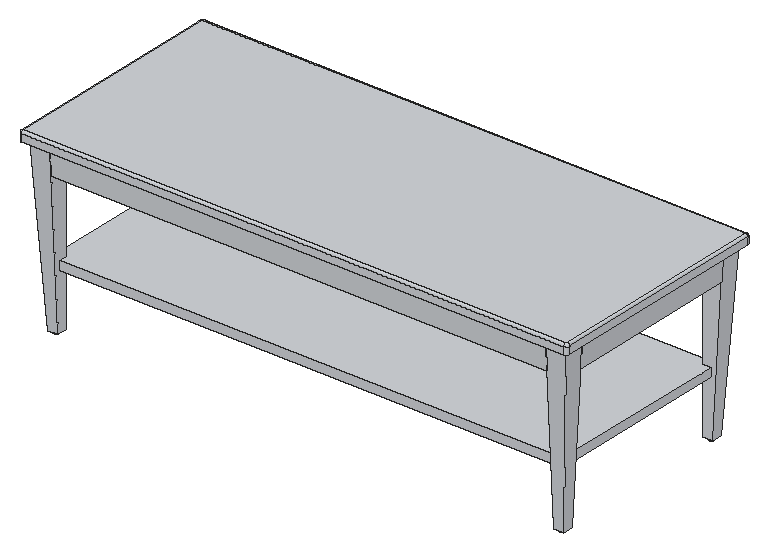
Revit family "Table-K_Series-KT6M4820B2", category Furniture, Revit 2017
Family settings
  OmniClass Number = 23.40.20.00
  OmniClass Title = General Furniture and Specialties
  Work Plane-Based = No
  Always vertical = Yes
  Cut with Voids When Loaded = No
  Shared = No
  Room Calculation Point = No
Parameters (values of type "48 x 20 Solid Surface")
  Width = 48.00"  # constant formula
  URL = "https://www.la-z-boy.com/"
  Product Documentation Link = "URL"
  Model = "KT6M4820B2"
  Manufacturer = "LaZBoy"
  Height = 16.00"  # constant formula
  Description = "48 x 20 Rectangular Magazine Table, Solid Surface Top"
  Depth = 20.00"  # constant formula
  Copyright © = "Inc"
  Table Top Material [instance] = none
  Assembly Code = "E2020200"
  Leg Material [instance] = none
Types (2): name | Description
  48 x 20 Solid Surface | "48 x 20 Rectangular Magazine Table, Solid Surface Top"
  48 x 20 Thermofoil | "48 x 20 Rectangular Magazine Table, Thermofoil Top"
Reference planes (in)
  plane 1 "Center (Front/Back)": y = 0
  plane 2: z = 0
  plane 3 "Center (Left/Right)": x = 0
  plane 4: y = -10
  plane 5: x = 24
  plane 6: x = -24
  plane 7: z = 16
  plane 8: y = 10
  plane 9: z = 15.185
  plane 10: z = 0.185
  plane 11: z = 5.935
Forms (in)
  Blend 1, solid, material <- "Leg Material"
    base sketch origin (0, 0, 0) x (1, 0, 0) y (0, 1, 0)
      loop
        line (-22.5808, 8.60545) -> (-22.5808, 7.73045) -> (-21.7058, 7.73045) -> (-21.7058, 8.60545) -> (-22.5808, 8.60545)
    top sketch origin (0, 0, 0) x (1, 0, 0) y (0, 1, 0)
      loop
        line (-23.4558, 9.48045) -> (-23.4558, 7.73045) -> (-21.7058, 7.73045) -> (-21.7058, 9.48045) -> (-23.4558, 9.48045)
    from 0.185 to 15.185
  Blend 2, solid, material <- "Leg Material"
    base sketch origin (0, 0, 0) x (-1, 0, 0) y (0, -1, 0)
      loop
        line (-22.5808, 8.60545) -> (-22.5808, 7.73045) -> (-21.7058, 7.73045) -> (-21.7058, 8.60545) -> (-22.5808, 8.60545)
    top sketch origin (0, 0, 0) x (-1, 0, 0) y (0, -1, 0)
      loop
        line (-23.4558, 9.48045) -> (-23.4558, 7.73045) -> (-21.7058, 7.73045) -> (-21.7058, 9.48045) -> (-23.4558, 9.48045)
    from 0.185 to 15.185
  Blend 3, solid, material <- "Leg Material"
    base sketch origin (0, 0, 0) x (-1, 0, 0) y (0, -1, 0)
      loop
        line (-22.5808, -8.60545) -> (-21.7058, -8.60545) -> (-21.7058, -7.73045) -> (-22.5808, -7.73045) -> (-22.5808, -8.60545)
    top sketch origin (0, 0, 0) x (-1, 0, 0) y (0, -1, 0)
      loop
        line (-23.4558, -9.48045) -> (-21.7058, -9.48045) -> (-21.7058, -7.73045) -> (-23.4558, -7.73045) -> (-23.4558, -9.48045)
    from 0.185 to 15.185
  Blend 4, solid, material <- "Leg Material"
    base sketch origin (0, 0, 0) x (1, 0, 0) y (0, 1, 0)
      loop
        line (-22.5808, -8.60545) -> (-21.7058, -8.60545) -> (-21.7058, -7.73045) -> (-22.5808, -7.73045) -> (-22.5808, -8.60545)
    top sketch origin (0, 0, 0) x (1, 0, 0) y (0, 1, 0)
      loop
        line (-23.4558, -9.48045) -> (-21.7058, -9.48045) -> (-21.7058, -7.73045) -> (-23.4558, -7.73045) -> (-23.4558, -9.48045)
    from 0.185 to 15.185
  Extrusion 5, solid, material <- "Leg Material"
    sketch origin (0, 0, 0) x (1, 0, 0) y (0, 0, 1)
      loop
        line (22.54134, 12.935) -> (23.35736, 12.935) -> (23.4558, 15.185) -> (22.54134, 15.185) -> (22.54134, 12.935)
      loop
        line (-22.54134, 12.935) -> (-22.54134, 15.185) -> (-23.4558, 15.185) -> (-23.35736, 12.935) -> (-22.54134, 12.935)
    from -7.73045 to 7.73045
  Extrusion 6, solid, material <- "Leg Material"
    sketch origin (0, 0.02465, 0) x (0, 1, 0) y (0, 0, 1)
      loop
        line (8.54134, 12.935) -> (9.35736, 12.935) -> (9.4558, 15.185) -> (8.54134, 15.185) -> (8.54134, 12.935)
      loop
        line (-8.59064, 12.935) -> (-8.59064, 15.185) -> (-9.5051, 15.185) -> (-9.40666, 12.935) -> (-8.59064, 12.935)
    from -21.7058 to 21.7058
  Extrusion 7, solid, material <- "Table Top Material"
    sketch origin (0, 0, 0) x (1, 0, 0) y (0, 1, 0)
      loop
        arc (-23.75, 10) -> (-23.92678, 9.92678) -> (-24, 9.75) r 0.25
        line (-24, 9.75) -> (-24, -9.75)
        arc (-24, -9.75) -> (-23.92678, -9.92678) -> (-23.75, -10) r 0.25
        line (-23.75, -10) -> (23.75, -10)
        arc (23.75, -10) -> (23.92678, -9.92678) -> (24, -9.75) r 0.25
        line (24, -9.75) -> (24, 9.75)
        arc (24, 9.75) -> (23.92678, 9.92678) -> (23.75, 10) r 0.25
        line (23.75, 10) -> (-23.75, 10)
    from 15.185 to 16
  Sweep 8, void
    path origin (0, 0, 0) x (1, 0, 0) y (0, 1, 0)
      loop
        line (23.75, 10) -> (-23.75, 10)
        arc (-23.75, 10) -> (-23.92678, 9.92678) -> (-24, 9.75) r 0.25
        line (-24, 9.75) -> (-24, -9.75)
        arc (-24, -9.75) -> (-23.92678, -9.92678) -> (-23.75, -10) r 0.25
        line (-23.75, -10) -> (23.75, -10)
        arc (23.75, -10) -> (23.92678, -9.92678) -> (24, -9.75) r 0.25
        line (24, -9.75) -> (24, 9.75)
        arc (24, 9.75) -> (23.92678, 9.92678) -> (23.75, 10) r 0.25
    profile origin (24, 0, 0) x (-1, 0, 0) y (0, 0, 1)
      loop
        line (0.2, 16) -> (0, 16) -> (0, 15.8)
        arc (0, 15.8) -> (0.05858, 15.94142) -> (0.2, 16) r 0.2
  Extrusion 9, solid, material <- "Leg Material"
    sketch origin (0, 0, 0) x (1, 0, 0) y (0, 1, 0)
      loop
        line (-22.44767, 8.40982) -> (-22.44767, -8.47698) -> (22.43913, -8.47698) -> (22.43913, 8.40982) -> (-22.44767, 8.40982)
    from 5.185 to 5.935
  Extrusion 10, solid
    sketch origin (0, 0, 0) x (1, 0, 0) y (0, 1, 0)
      loop
        circle (-22.1464, 8.16021) r 0.2402
      loop
        circle (22.1464, 8.16021) r 0.2402
      loop
        circle (-22.1464, -8.16021) r 0.2402
      loop
        circle (22.1464, -8.16021) r 0.2402
    from 0 to 0.185
Cuts and joins
  Sweep 8 cuts Extrusion 7
Lines and regions (in)
  Masking region 1
    outline origin (0, 0, 0) x (1, 0, 0) y (0, 1, 0)
      loop
        arc (-24, -9.75) -> (-23.92678, -9.92678) -> (-23.75, -10) r 0.25
        line (-23.75, -10) -> (23.75, -10)
        arc (23.75, -10) -> (23.92678, -9.92678) -> (24, -9.75) r 0.25
        line (24, -9.75) -> (24, 9.75)
        arc (24, 9.75) -> (23.92678, 9.92678) -> (23.75, 10) r 0.25
        line (23.75, 10) -> (-23.75, 10)
        arc (-23.75, 10) -> (-23.92678, 9.92678) -> (-24, 9.75) r 0.25
        line (-24, 9.75) -> (-24, -9.75)
Dimensions and locks (in)
  equal spacing: plane 6, plane 3 "Center (Left/Right)", plane 5
  "Width": plane 6 to plane 5
  equal spacing: plane 8, plane 1 "Center (Front/Back)", plane 4
  "Depth": plane 4 to plane 8
  "Height": plane 7 to plane 2
  locked: plane 7 to plane 9 at 0.815
  locked: plane 10 to plane 2 at 0.185
  locked: plane 11 to plane 2 at 5.935
  locked: plane 11 to Extrusion 9 at 0.75
  aligned and locked: level to plane 2
  aligned and locked: plane 3 "Center (Left/Right)" to nested 1
  aligned and locked: plane 1 "Center (Front/Back)" to nested 1
  aligned and locked: Blend 1 to plane 9
  aligned and locked: Blend 1 to plane 10
  aligned and locked: plane 10 to Blend 2
  aligned and locked: plane 10 to Blend 3
  aligned and locked: Blend 4 to plane 10
  aligned and locked: Blend 4 to plane 9
  aligned and locked: Extrusion 7 sketch curve to plane 4
  aligned and locked: plane 5 to Extrusion 7 sketch curve
  aligned and locked: Extrusion 7 sketch curve to plane 8
  aligned and locked: plane 7 to Extrusion 7
  aligned and locked: plane 9 to Extrusion 7
  aligned and locked: Extrusion 9 to plane 11
  aligned and locked: Blend 2 to plane 9
  aligned and locked: Blend 3 to plane 9
  aligned and locked: plane 7 to Sweep 8
  aligned and locked: Extrusion 6 to Blend 4
  aligned and locked: Extrusion 6 to Blend 2
  aligned and locked: Extrusion 5 to Blend 2
  aligned and locked: Extrusion 5 to Blend 3
Automatic sketch dimensions
  plane 6 to Blend 1 sketch curve = 1.4192"
  Blend 1 sketch curve to Blend 1 sketch curve = 0.875"  (x2)
  Blend 1 sketch curve to plane 8 = 2.26955"  (x2)
  plane 6 to Blend 1 sketch curve = 0.5442"
  Blend 1 sketch curve to Blend 1 sketch curve = 1.75"
  Blend 1 sketch curve to plane 8 = 0.51955"
  plane 5 to Blend 2 sketch curve = 1.4192"
  Blend 2 sketch curve to Blend 2 sketch curve = 0.875"  (x2)
  Blend 2 sketch curve to plane 4 = 2.26955"  (x2)
  plane 5 to Blend 2 sketch curve = 0.5442"
  Blend 2 sketch curve to Blend 2 sketch curve = 1.75"
  Blend 2 sketch curve to plane 4 = 0.51955"
  Blend 3 sketch curve to plane 5 = 1.4192"
  Blend 3 sketch curve to Blend 3 sketch curve = 0.875"  (x2)
  plane 8 to Blend 3 sketch curve = 2.26955"  (x2)
  Blend 3 sketch curve to plane 5 = 0.5442"
  Blend 3 sketch curve to Blend 3 sketch curve = 1.75"
  plane 8 to Blend 3 sketch curve = 0.51955"
  Blend 4 sketch curve to plane 6 = 1.4192"
  Blend 4 sketch curve to Blend 4 sketch curve = 0.875"  (x2)
  plane 4 to Blend 4 sketch curve = 2.26955"  (x2)
  Blend 4 sketch curve to plane 6 = 0.5442"
  Blend 4 sketch curve to Blend 4 sketch curve = 1.75"
  plane 4 to Blend 4 sketch curve = 0.51955"
  Extrusion 5 sketch curve to plane 9 = 0.00"  (x2)
  plane 6 to Extrusion 5 sketch curve = 0.5442"
  plane 6 to Extrusion 5 sketch curve = 0.64264"
  Extrusion 5 sketch curve to Extrusion 5 sketch curve = 0.91445"
  plane 5 to Extrusion 5 sketch curve = 1.45866"
  plane 5 to Extrusion 5 sketch curve = 0.64264"
  plane 5 to Extrusion 5 sketch curve = 0.5442"
  Extrusion 5 sketch curve to Extrusion 5 sketch curve = 2.25"
  plane 9 to Extrusion 5 sketch curve = 2.25"
  plane 9 to Extrusion 6 sketch curve = 0.00"  (x2)
  Extrusion 6 sketch curve to plane 4 = 0.51955"
  Extrusion 6 sketch curve to plane 4 = 0.61799"
  Extrusion 6 sketch curve to Extrusion 6 sketch curve = 0.91445"
  Extrusion 6 sketch curve to plane 8 = 1.43401"
  Extrusion 6 sketch curve to plane 8 = 0.61799"
  Extrusion 6 sketch curve to plane 8 = 0.51955"
  plane 9 to Extrusion 6 sketch curve = 2.25"
  Extrusion 6 sketch curve to Extrusion 6 sketch curve = 2.25"
  Sweep 8 sketch curve to Sweep 8 sketch curve = 0.25"  (x2)
  Sweep 8 sketch curve to plane 4 = 0.25"
  Sweep 8 sketch curve to profile plane = 0.00"  (x2)
  Sweep 8 sketch curve to Sweep 8 sketch curve = 0.20"
  level to Sweep 8 sketch curve = 15.80"
  Sweep 8 sketch curve to Sweep 8 sketch curve = 0.00"  (x3)
  plane 5 to Sweep 8 sketch curve = 0.25"
  Sweep 8 sketch curve to plane 5 = 0.00"
  plane 4 to Sweep 8 sketch curve = 0.00"
  Sweep 8 sketch curve to plane 6 = 0.00"
  Sweep 8 sketch curve to plane 8 = 0.00"
  Extrusion 7 sketch curve to plane 6 = 0.00"
  plane 6 to Extrusion 7 sketch curve = 0.25"  (x2)
  Extrusion 7 sketch curve to Extrusion 7 sketch curve = 0.25"
  plane 5 to Extrusion 7 sketch curve = 0.25"
  plane 6 to Extrusion 9 sketch curve = 1.55233"
  Extrusion 9 sketch curve to plane 4 = 1.52302"
  Extrusion 9 sketch curve to plane 8 = 1.59018"
  plane 5 to Extrusion 9 sketch curve = 1.56087"
  plane 6 to Extrusion 10 sketch curve = 1.8536"  (x2)
  plane 5 to Extrusion 10 sketch curve = 1.8536"  (x2)
  Extrusion 10 sketch curve to plane 4 = 1.83979"  (x2)
  Extrusion 10 sketch curve to plane 8 = 1.83979"  (x2)
  plane 6 to Masking region 1 sketch curve = 0.25"
  Masking region 1 sketch curve to plane 4 = 0.25"
  plane 5 to Masking region 1 sketch curve = 0.25"
  Masking region 1 sketch curve to Masking region 1 sketch curve = 0.25"
  Masking region 1 sketch curve to plane 6 = 0.00"
  Masking region 1 sketch curve to plane 4 = 0.00"
  Masking region 1 sketch curve to plane 5 = 0.00"
  plane 8 to Masking region 1 sketch curve = 0.00"
  radius of Extrusion 10 sketch curve = 0.2402"  (x4)
Nested families (in)
  nested 1: "Label 1-16" at (0, 0, 0), type "Center", detail levels fine
    with Offset (LR) 0.00"
Definition of nested family "Label 1-16"
  Parameters (values of type "Center")
    P_Width = 0.00"
    Text_Width = "Empty"
    Text_Height = "Empty"
    Text_Diameter = "Empty"
    Text_Depth = "Empty"
    Offset (LR) [instance] = 0.00"
    Model Name = "6961"
    P_Height = 0.00"
    Distance of Center (not Change) = 0.00"
    P_Diameter = 0.00"
    P_Depth = 0.00"
  Reference planes (in)
    plane 1: y = 0
    plane 2: x = 0
  Lines and regions (in)
    reference lines
      curve 1: line (-0.44359, 0, 0) -> (0.41085, 0, 0)
      curve 3: line (0, 0.32564, 0) -> (0, -0.40221, 0)
    reference lines, not visible
      curve 2: line (-0.44359, 0.09843, 0) -> (0.41085, 0.09843, 0)
      curve 4: line (0, 0.42407, 0) -> (0, -0.30379, 0)
  Text (in)
    label "Empty" at (0.00197, -0.0079, 0), shows "Model Name"
    label "Empty" at (0.00197, 0.09052, 0), shows "Model Name", not visible
  Dimensions and locks (in)
    "Distance of Center (not Change)": plane 1 to curve 1
    "Offset (LR)": curve 3 to plane 2
  Automatic sketch dimensions
    curve 1 to curve 3 = 0.44359"
    curve 3 to curve 1 = 0.41085"
    curve 3 to curve 1 = 0.40221"
    curve 1 to curve 3 = 0.32564"
    curve 2 to curve 4 = 0.44359"
    curve 4 to curve 2 = 0.41085"
    curve 4 to curve 2 = 0.40221"
    curve 2 to curve 4 = 0.32564"
